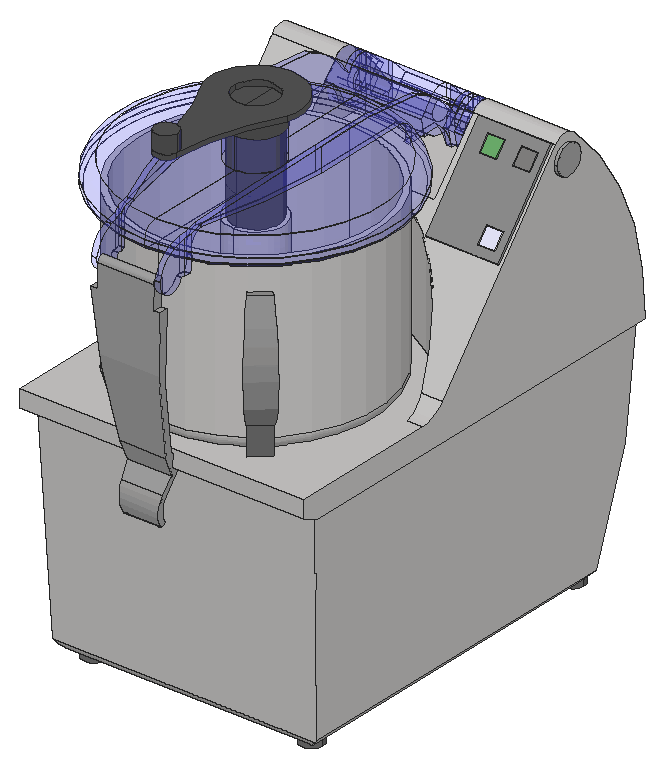
Revit family "QF_ELECTROLUXPROFESSIONAL_600506_K45YVV", category Specialty Equipment, Revit 2018
Family settings
  Round Connector Dimension = Use Diameter
  Part Type = Normal
  Work Plane-Based = No
  Always vertical = Yes
  Cut with Voids When Loaded = No
  Shared = No
  Room Calculation Point = No
Parameters (values of type "Standard")
  Weight = 22.00 kg
  Watts = 0 W
  Volts = 200 V
  URL Manufacturer = "http://professional.electrolux.com"
  URL = "http://professional.electrolux.com"
  Steam Supply Size = 0 mm
  Steam Supply Minimum Pressure = 0.0 Pa
  Steam Supply Maximum Pressure = 0.0 Pa
  Steam Pounds per Hour = 0
  Refrigeration Suction Line Size = 0.0 mm
  Refrigeration Liquid Line Size = 0.0 mm
  Refrigerant Compressor Remote = yes
  Manufacturer = "Electrolux Professional"
  Phase = 1
  Model = "K45YVV"
  Length Actual = 256.0 mm  # constant formula
  Item Number = "600506"
  Hot Water Size = 0 mm
  Height Actual = 482.0 mm  # constant formula
  HP = "1.3 HP"
  Gas Size = 0 mm
  Gas KW = 0
  Gas Input Pressure = 0 W
  Direct Waste Size = 0 mm
  Description = "CUTTER-MIXER 4.5L-MICROTOOTHED BLADE-VARIAB.SPEED-1000W-200-240/150-60"
  Depth Actual = 415.0 mm  # constant formula
  Cycle = 50 Hz
  Condensate Return Size = 0 mm
  Compressed Air Volume = 0.0 L/s
  Compressed Air Size = 0 mm
  Compressed Air Pressure = 0.0 Pa
  Cold Water Size = 0 mm
  Accessory = yes
Reference planes
  plane 1 "Center (Front/Back)": y = 0
  plane 2: z = 0
  plane 3 "Center (Left/Right)": x = 0
  plane 4 "BASE": z = 6
  plane 5 "TOP": z = 685
  plane 6 "FRONT": y = -207.5
  plane 7 "BACK": y = 207.5
  plane 8 "LEFT": x = -128
  plane 9 "RIGHT": x = 128
  plane 10 "CenterX": x = -10
  plane 11 "Maniglia": through (-10, -59.177, 4000) normal (0.766, 0.6428, 0)
  plane 12 "Panel": through (4267.2, 107.252, 388.448) normal (0, 0.766, -0.6428)
  plane 13: z = 470
Forms (mm)
  Extrusion 1, solid, material "QF_Finishes_Stainless Steel"
    sketch origin (0, 0, 0) x (0, 1, 0) y (0, 0, 1)
      loop
        arc (155.897, 6) -> (160.37, 10.596) -> (163.359, 16.27) r 22.417
        arc (163.359, 16.27) -> (192.273, 107.896) -> (201.98, 203.483) r 470.678
        line (201.98, 203.483) -> (-161.42, 203.483)
        arc (-161.42, 203.483) -> (-159.547, 108.877) -> (-151.391, 14.604) r 1423.016
        arc (-151.391, 14.604) -> (-146.603, 8.365) -> (-139.103, 6) r 13.076
        line (-139.103, 6) -> (155.897, 6)
    from -128 to 128
  Extrusion 2, void
    sketch origin (0, -207.5, 0) x (-1, 0, 0) y (0, 0, 1)
      loop
        line (128, 203.483) -> (125, 203.483) -> (119.389, 16.27) -> (109.119, 6) -> (128, 6) -> (128, 203.483)
      loop
        line (-128, 203.483) -> (-128, 6) -> (-109.119, 6) -> (-119.389, 16.27) -> (-125, 203.483) -> (-128, 203.483)
    from 14.374 to 435.947
  Extrusion 3, solid, material "QF_Finishes_Stainless Steel"
    sketch origin (0, 0, 0) x (0, 1, 0) y (0, 0, 1)
      loop
        arc (207.5, 203.483) -> (187.745, 305.45) -> (127.203, 389.844) r 242.898
        arc (127.203, 389.844) -> (116.931, 393.38) -> (107.252, 388.448) r 13.902
        line (107.252, 388.448) -> (-20.106, 236.67)
        arc (-20.106, 236.67) -> (-30.264, 228.875) -> (-42.764, 226.104) r 29.578
        line (-42.764, 226.104) -> (-177.764, 226.104) -> (-177.764, 211.104) -> (-161.42, 203.483) -> (207.5, 203.483)
    from -128 to 128
  Extrusion 4, void
    sketch origin (0, -207.5, 0) x (-1, 0, 0) y (0, 0, 1)
      loop
        line (-53.607, 393.414) -> (-53.607, 336.684) -> (71.073, 336.684) -> (71.073, 393.414) -> (-53.607, 393.414)
    from 255.469 to 415
  Revolve 5, solid, material "QF_Plastic-Black"
    sketch origin (-10, 0, 0) x (0, -1, 0) y (0, 0, 1)
      loop
        line (59.177, 450.527) -> (28.516, 450.527) -> (35.424, 443.619) -> (35.424, 430.527) -> (38.194, 430.527) -> (38.194, 356.104) -> (59.177, 356.104) -> (59.177, 450.527)
      axis (59.177, 356.104) -> (59.177, 450.527)
    angle from 0 to 360
  Extrusion 6, solid, material "QF_Plastic-Black"
    sketch origin (0, 0, 0) x (1, 0, 0) y (0, 1, 0)
      loop
        arc (-48.167, -71.147) -> (-28.951, -114.517) -> (-19.956, -161.093) r 210.055
        arc (-19.956, -161.093) -> (-10, -170.155) -> (-0.044, -161.093) r 10
        arc (-0.044, -161.093) -> (8.951, -114.517) -> (28.167, -71.147) r 210.055
        arc (28.167, -71.147) -> (-10, -19.177) -> (-48.167, -71.147) r 40
    from 450.5 to 455
  Extrusion 7, solid, material "QF_Plastic-Black"
    sketch origin (0, 0, 0) x (1, 0, 0) y (0, 1, 0)
      loop
        circle (-10, -160.155) r 10
    from 455 to 470
  Extrusion 8, void
    sketch origin (0, 0, 0) x (1, 0, 0) y (0, 1, 0)
      loop
        circle (-10, -59.177) r 19
    from 427.6 to 472.8
  Extrusion 9, void
    sketch origin (0, 0, 0) x (1, 0, 0) y (0, 1, 0)
      loop
        arc (115, -59.177) -> (-10, 65.823) -> (-135, -59.177) r 125
        line (-135, -59.177) -> (115, -59.177)
    from 226.104 to 336.684
  Extrusion 10, void
    sketch origin (-20, 0, 0) x (-1, 0, 0) y (0, -1, 0)
      loop
        line (16.15, 177.864) -> (16.15, -123.86) -> (35.771, -123.86) -> (35.771, 48.192)
        arc (35.771, 48.192) -> (30.047, 105.502) -> (17.781, 161.776) r 500.876
        line (17.781, 161.776) -> (17.781, 171.776) -> (16.15, 177.864)
      loop
        line (40.771, -123.86) -> (45.852, -123.86) -> (45.852, 210.681) -> (21.15, 210.681) -> (21.15, 178.522) -> (22.781, 172.434) -> (22.781, 162.459)
        arc (22.781, 162.459) -> (35.047, 105.893) -> (40.771, 48.297) r 505.876
        line (40.771, 48.297) -> (40.771, -123.86)
    from 350.345 to 477.521
  Extrusion 11, solid, material "Glass"
    sketch origin (-20, 0, 0) x (0, 1, 0) y (0, 0, -1)
      loop
        line (-173.064, -369.647) -> (-181.303, -369.647)
        arc (-181.303, -369.647) -> (-196.341, -361.818) -> (-205.451, -376.117) r 12.548
        arc (-205.451, -376.117) -> (-199.87, -388.651) -> (-189.058, -397.099) r 28.357
        arc (-189.058, -397.099) -> (-65.868, -423.241) -> (59.99, -418.888) r 518.061
        arc (59.99, -418.888) -> (85.116, -404.522) -> (104.437, -382.973) r 90.696
        arc (104.437, -382.973) -> (113.885, -392.821) -> (127.203, -389.844) r 13.902
        arc (127.203, -389.844) -> (135.322, -382.188) -> (143.082, -374.167) r 242.898
        line (143.082, -374.167) -> (137.378, -368.464)
        arc (137.378, -368.464) -> (123.613, -353.84) -> (104.088, -358.543) r 20
        line (104.088, -358.543) -> (99.34, -358.543)
        arc (99.34, -358.543) -> (94.194, -371.609) -> (85.823, -382.884) r 53.446
        line (85.823, -382.884) -> (50.823, -382.884)
        arc (50.823, -382.884) -> (52.796, -383.701) -> (53.614, -385.674) r 2.79
        line (53.614, -385.674) -> (53.614, -390.892)
        arc (53.614, -390.892) -> (50.154, -399.244) -> (41.802, -402.703) r 11.812
        line (41.802, -402.703) -> (-160.307, -402.703)
        arc (-160.307, -402.703) -> (-168.659, -399.244) -> (-172.119, -390.892) r 11.812
        line (-172.119, -390.892) -> (-172.119, -385.826)
        arc (-172.119, -385.826) -> (-171.728, -384.361) -> (-170.659, -383.285) r 2.942
        line (-170.659, -383.285) -> (-173.064, -369.647)
      loop
        circle (117.901, -373.007) r 9.416
    from 16.15 to 45.852
  Extrusion 12, solid, material "Glass"
    sketch origin (0, 0, 0) x (0, 1, 0) y (0, 0, 1)
      loop
        line (137.378, 368.464) -> (143.082, 374.167)
        arc (143.082, 374.167) -> (135.322, 382.188) -> (127.203, 389.844) r 242.898
        arc (127.203, 389.844) -> (116.931, 393.38) -> (107.252, 388.448) r 13.902
        line (107.252, 388.448) -> (95.766, 374.76)
        arc (95.766, 374.76) -> (97.862, 366.72) -> (99.34, 358.543) r 108.872
        line (99.34, 358.543) -> (104.088, 358.543)
        arc (104.088, 358.543) -> (123.613, 353.84) -> (137.378, 368.464) r 20
      loop
        circle (117.901, 373.007) r 9.416
    from -71.073 to 53.607
  Extrusion 13, solid, material "QF_Finishes_Gray"
    sketch origin (0, 0, 0) x (0, 1, 0) y (0, 0, 1)
      loop
        arc (-182.273, 168.111) -> (-185.377, 178.111) -> (-182.273, 188.111) r 17.658
        line (-182.273, 188.111) -> (-169.592, 207.294) -> (-177.764, 211.104) -> (-177.764, 222.201) -> (-180.378, 224.815)
        arc (-180.378, 224.815) -> (-194.973, 298.318) -> (-196.805, 373.235) r 437.299
        arc (-196.805, 373.235) -> (-201.296, 377.726) -> (-205.788, 373.235) r 4.491
        arc (-205.788, 373.235) -> (-201.07, 296.739) -> (-185.461, 221.705) r 534.528
        line (-185.461, 221.705) -> (-177.764, 203.503) -> (-186.394, 190.943)
        arc (-186.394, 190.943) -> (-190.377, 178.111) -> (-186.394, 165.28) r 22.658
        arc (-186.394, 165.28) -> (-182.917, 164.635) -> (-182.273, 168.111) r 2.5
    from -49.646 to 27.326
  Extrusion 14, void
    sketch origin (0, -207.5, 0) x (-1, 0, 0) y (0, 0, 1)
      loop
        line (-15.15, 396.938) -> (-47.326, 396.938) -> (-47.326, 161.938) -> (-5.366, 161.938) -> (-20.516, 351.652) -> (-15.15, 351.652) -> (-15.15, 396.938)
      loop
        line (26.963, 161.938) -> (77.918, 161.938) -> (77.918, 396.938) -> (35.15, 396.938) -> (35.15, 351.652) -> (42.113, 351.652) -> (26.963, 161.938)
    from 46.08 to -69.339
  Extrusion 15, solid, material "Glass"
    sketch origin (0, 0, 0) x (0, 1, 0) y (0, 0, 1)
      loop
        line (-173.064, 369.647) -> (-170.659, 383.285)
        arc (-170.659, 383.285) -> (-171.728, 384.361) -> (-172.119, 385.826) r 2.942
        line (-172.119, 385.826) -> (-172.119, 390.892)
        arc (-172.119, 390.892) -> (-168.659, 399.244) -> (-160.307, 402.703) r 11.812
        line (-160.307, 402.703) -> (41.802, 402.703)
        arc (41.802, 402.703) -> (50.154, 399.244) -> (53.614, 390.892) r 11.812
        line (53.614, 390.892) -> (53.614, 385.674)
        arc (53.614, 385.674) -> (52.796, 383.701) -> (50.823, 382.884) r 2.79
        line (50.823, 382.884) -> (85.823, 382.884)
        arc (85.823, 382.884) -> (94.194, 371.609) -> (99.34, 358.543) r 53.446
        line (99.34, 358.543) -> (104.088, 358.543)
        arc (104.088, 358.543) -> (123.613, 353.84) -> (137.378, 368.464) r 20
        line (137.378, 368.464) -> (143.082, 374.167)
        arc (143.082, 374.167) -> (135.322, 382.188) -> (127.203, 389.844) r 242.898
        arc (127.203, 389.844) -> (113.885, 392.821) -> (104.437, 382.973) r 13.902
        arc (104.437, 382.973) -> (85.116, 404.522) -> (59.99, 418.888) r 90.696
        arc (59.99, 418.888) -> (-65.868, 423.241) -> (-189.058, 397.099) r 518.061
        arc (-189.058, 397.099) -> (-199.87, 388.651) -> (-205.451, 376.117) r 28.357
        arc (-205.451, 376.117) -> (-196.341, 361.818) -> (-181.303, 369.647) r 12.548
        line (-181.303, 369.647) -> (-173.064, 369.647)
      loop
        circle (117.901, 373.007) r 9.416
    from 16.15 to 45.852
  Extrusion 16, void
    sketch origin (0, 0, 0) x (1, 0, 0) y (0, 1, 0)
      loop
        line (16.15, -177.864) -> (17.781, -171.776) -> (17.781, -161.776)
        arc (17.781, -161.776) -> (30.047, -105.502) -> (35.771, -48.192) r 500.876
        line (35.771, -48.192) -> (35.771, 123.86) -> (16.15, 123.86) -> (16.15, -177.864)
      loop
        line (40.771, 123.86) -> (40.771, -48.297)
        arc (40.771, -48.297) -> (35.047, -105.893) -> (22.781, -162.459) r 505.876
        line (22.781, -162.459) -> (22.781, -172.434) -> (21.15, -178.522) -> (21.15, -210.681) -> (45.852, -210.681) -> (45.852, 123.86) -> (40.771, 123.86)
    from 350.345 to 477.521
  Revolve 17, solid, material "Glass"
    sketch origin (-10, 0, -40) x (0, -1, 0) y (0, 0, 1)
      loop
        line (38.194, 422.884) -> (38.194, 470.527) -> (35.424, 470.527) -> (35.424, 442.703) -> (-53.802, 442.703)
        arc (-53.802, 442.703) -> (-62.213, 439.268) -> (-65.732, 430.892) r 11.871
        line (-65.732, 430.892) -> (-65.732, 425.793)
        arc (-65.732, 425.793) -> (-64.88, 423.736) -> (-62.823, 422.884) r 2.909
        line (-62.823, 422.884) -> (38.194, 422.884)
      axis (59.177, 422.884) -> (59.177, 470.527)
    angle from 0 to 360
  Revolve 18, solid, material "QF_Metal-Stainless-Polished"
    sketch origin (-10, 0, 0) x (0, -1, 0) y (0, 0, 1)
      loop
        line (169.177, 382.884) -> (164.177, 382.884) -> (164.177, 237.884)
        arc (164.177, 237.884) -> (162.191, 233.09) -> (157.397, 231.104) r 6.78
        line (157.397, 231.104) -> (84.177, 231.104) -> (84.177, 356.104) -> (79.177, 356.104) -> (79.177, 226.104) -> (157.397, 226.104)
        arc (157.397, 226.104) -> (165.726, 229.554) -> (169.177, 237.884) r 11.78
        line (169.177, 237.884) -> (169.177, 382.884)
      axis (59.177, 382.884) -> (59.177, 226.104)
    angle from 0 to 360
  Extrusion 19, solid, material "QF_Plastic-Gray-Matte"
    sketch origin (-49.423, -13.925, 0) x (0.634002, 0.773331, 0) y (-0.773331, 0.634002, 0)
      loop
        line (-55.497, -222.333) -> (-26.468, -227.794) -> (-20.635, -161.119)
        arc (-20.635, -161.119) -> (-28.727, -159.898) -> (-36.729, -158.185) r 133.529
        line (-36.729, -158.185) -> (-55.497, -222.333)
    from 226.104 to 356.104
  Revolve 20, void
    sketch origin (-35.007, -29.374, 0) x (-0.642788, 0.766044, 0) y (0, 0, 1)
      loop
        arc (-155.215, 337.579) -> (-171.344, 302.579) -> (-155.215, 267.579) r 46.04
        line (-155.215, 267.579) -> (-147.754, 267.579) -> (-147.754, 337.579) -> (-155.215, 337.579)
      loop
        line (-155.215, 356.104) -> (-147.754, 356.104) -> (-147.754, 361.761) -> (-215.215, 361.761) -> (-215.215, 226.104) -> (-147.754, 226.104) -> (-147.754, 256.485) -> (-163.93, 256.485)
        arc (-163.93, 256.485) -> (-184.453, 308.471) -> (-155.215, 356.104) r 62.537
      axis (10, 361.761) -> (10, 226.104)
    angle from -8.217 to 8.652
  Extrusion 21, solid, material "QF_Finishes_Rubber Black"
    sketch origin (0, 0, 0) x (1, 0, 0) y (0, 1, 0)
      loop
        arc (57.446, -154.071) -> (64.931, -148.135) -> (72.061, -141.775) r 165.215
        line (72.061, -141.775) -> (66.401, -136.116)
        arc (66.401, -136.116) -> (59.824, -141.977) -> (52.928, -147.46) r 157.215
        line (52.928, -147.46) -> (57.446, -154.071)
    from 226.104 to 256.485
  Extrusion 22, solid, material "QF_Plastic-Gray-Matte"
    sketch origin (0, -128.336, 107.686) x (0, 0.642788, 0.766044) y (1, 0, 0)
      loop
        line (366.07, 59.066) -> (366.07, 124.8) -> (272.743, 124.8) -> (272.743, 59.066) -> (366.07, 59.066)
      loop
        line (356.63, 102.599) -> (356.63, 117.599) -> (341.63, 117.599) -> (341.63, 102.599) -> (356.63, 102.599)
      loop
        line (295.63, 102.599) -> (295.63, 117.599) -> (280.63, 117.599) -> (280.63, 102.599) -> (295.63, 102.599)
      loop
        line (356.63, 72.599) -> (356.63, 87.599) -> (341.63, 87.599) -> (341.63, 72.599) -> (356.63, 72.599)
    from -1 to 0.6
  Extrusion 23, solid, material "QF_Finishes_Red"
    sketch origin (0, -128.336, 107.686) x (0, 0.642788, 0.766044) y (1, 0, 0)
      loop
        line (356.63, 102.599) -> (356.63, 117.599) -> (341.63, 117.599) -> (341.63, 102.599) -> (356.63, 102.599)
    from -1 to 0.6
  Extrusion 24, solid, material "QF_Finishes_Green"
    sketch origin (-27.396, -127.834, 108.284) x (0, 0.642788, 0.766044) y (1, 0, 0)
      loop
        line (355.85, 99.994) -> (355.85, 114.994) -> (340.786, 114.994) -> (340.786, 99.994) -> (355.85, 99.994)
    from -1 to 0.6
  Extrusion 25, solid, material "QF_Plastic-White-Matte"
    sketch origin (0, -167.546, 60.958) x (0, 0.642788, 0.766044) y (1, 0, 0)
      loop
        line (356.63, 102.599) -> (356.63, 117.599) -> (341.63, 117.599) -> (341.63, 102.599) -> (356.63, 102.599)
    from -1 to 0.6
  Extrusion 26, solid, material "QF_Finishes_Stainless Steel"
    sketch origin (0, 207.5, 0) x (-1, 0, 0) y (0, 0, 1)
      loop
        circle (0, 202) r 10.353
    from -6.2 to 3
  Revolve 27, solid, material "QF_Door-Drawer Clearances", detail levels coarse
    sketch origin (-10, -221.856, 479.549) x (0, 0, 1) y (0, 1, 0)
      loop
        line (59.177, 490.527) -> (28.516, 490.527) -> (35.424, 483.619) -> (35.424, 470.527) -> (38.194, 470.527) -> (38.194, 442.703) -> (59.177, 442.703) -> (59.177, 490.527)
      axis (59.177, 442.703) -> (59.177, 490.527)
    angle from 0 to 360
  Extrusion 28, solid, material "QF_Door-Drawer Clearances", detail levels coarse
    sketch origin (0, -221.856, 479.549) x (1, 0, 0) y (0, 0, -1)
      loop
        arc (-48.167, -71.147) -> (-28.951, -114.517) -> (-19.956, -161.093) r 210.055
        arc (-19.956, -161.093) -> (-10, -170.155) -> (-0.044, -161.093) r 10
        arc (-0.044, -161.093) -> (8.951, -114.517) -> (28.167, -71.147) r 210.055
        arc (28.167, -71.147) -> (-10, -19.177) -> (-48.167, -71.147) r 40
    from 490.527 to 495.013
  Extrusion 29, solid, material "QF_Door-Drawer Clearances", detail levels coarse
    sketch origin (0, -221.856, 479.549) x (1, 0, 0) y (0, 0, -1)
      loop
        circle (-10, -160.155) r 10
    from 495.013 to 510.592
  Extrusion 30, void
    sketch origin (-20, -221.856, 479.359) x (-1, 0, 0) y (0, 0, 1)
      loop
        line (16.15, 177.864) -> (16.15, -123.86) -> (35.771, -123.86) -> (35.771, 48.192)
        arc (35.771, 48.192) -> (30.047, 105.502) -> (17.781, 161.776) r 500.876
        line (17.781, 161.776) -> (17.781, 171.776) -> (16.15, 177.864)
      loop
        line (40.771, -123.86) -> (45.852, -123.86) -> (45.852, 210.681) -> (21.15, 210.681) -> (21.15, 178.522) -> (22.781, 172.434) -> (22.781, 162.459)
        arc (22.781, 162.459) -> (35.047, 105.893) -> (40.771, 48.297) r 505.876
        line (40.771, 48.297) -> (40.771, -123.86)
    from 350.345 to 477.521
  Extrusion 31, solid, material "QF_Door-Drawer Clearances", detail levels coarse
    sketch origin (-20, -221.856, 479.359) x (0, 0, -1) y (0, -1, 0)
      loop
        line (-173.064, -409.647) -> (-181.303, -409.647)
        arc (-181.303, -409.647) -> (-196.341, -401.818) -> (-205.451, -416.117) r 12.548
        arc (-205.451, -416.117) -> (-199.87, -428.651) -> (-189.058, -437.099) r 28.357
        arc (-189.058, -437.099) -> (-65.868, -463.241) -> (59.99, -458.888) r 518.061
        arc (59.99, -458.888) -> (92.246, -438.11) -> (113.023, -405.855) r 90.696
        arc (113.023, -405.855) -> (114.903, -399.662) -> (115.972, -393.28) r 50.278
        arc (115.972, -393.28) -> (121.968, -392.806) -> (127.203, -389.844) r 13.902
        arc (127.203, -389.844) -> (129.309, -387.924) -> (131.393, -385.98) r 242.898
        arc (131.393, -385.98) -> (114.739, -373.307) -> (99.238, -359.247) r 242.898
        arc (99.238, -359.247) -> (87.934, -393.903) -> (65.823, -422.884) r 108.872
        line (65.823, -422.884) -> (50.823, -422.884)
        arc (50.823, -422.884) -> (52.796, -423.701) -> (53.614, -425.674) r 2.79
        line (53.614, -425.674) -> (53.614, -430.892)
        arc (53.614, -430.892) -> (50.154, -439.244) -> (41.802, -442.703) r 11.812
        line (41.802, -442.703) -> (-160.307, -442.703)
        arc (-160.307, -442.703) -> (-168.659, -439.244) -> (-172.119, -430.892) r 11.812
        line (-172.119, -430.892) -> (-172.119, -425.826)
        arc (-172.119, -425.826) -> (-171.728, -424.361) -> (-170.659, -423.285) r 2.942
        line (-170.659, -423.285) -> (-173.064, -409.647)
    from 16.15 to 45.852
  Extrusion 32, void
    sketch origin (0, -221.856, 479.359) x (1, 0, 0) y (0, 0, -1)
      loop
        line (16.15, -177.864) -> (17.781, -171.776) -> (17.781, -161.776)
        arc (17.781, -161.776) -> (30.047, -105.502) -> (35.771, -48.192) r 500.876
        line (35.771, -48.192) -> (35.771, 123.86) -> (16.15, 123.86) -> (16.15, -177.864)
      loop
        line (40.771, 123.86) -> (40.771, -48.297)
        arc (40.771, -48.297) -> (35.047, -105.893) -> (22.781, -162.459) r 505.876
        line (22.781, -162.459) -> (22.781, -172.434) -> (21.15, -178.522) -> (21.15, -210.681) -> (45.852, -210.681) -> (45.852, 123.86) -> (40.771, 123.86)
    from 350.345 to 477.521
  Extrusion 33, solid, material "QF_Door-Drawer Clearances", detail levels coarse
    sketch origin (0, -221.856, 479.359) x (0, 0, -1) y (0, 1, 0)
      loop
        line (-173.064, 409.647) -> (-170.659, 423.285)
        arc (-170.659, 423.285) -> (-171.728, 424.361) -> (-172.119, 425.826) r 2.942
        line (-172.119, 425.826) -> (-172.119, 430.892)
        arc (-172.119, 430.892) -> (-168.659, 439.244) -> (-160.307, 442.703) r 11.812
        line (-160.307, 442.703) -> (41.802, 442.703)
        arc (41.802, 442.703) -> (50.154, 439.244) -> (53.614, 430.892) r 11.812
        line (53.614, 430.892) -> (53.614, 425.674)
        arc (53.614, 425.674) -> (52.796, 423.701) -> (50.823, 422.884) r 2.79
        line (50.823, 422.884) -> (65.823, 422.884)
        arc (65.823, 422.884) -> (87.934, 393.903) -> (99.238, 359.247) r 108.872
        arc (99.238, 359.247) -> (114.739, 373.307) -> (131.393, 385.98) r 242.898
        arc (131.393, 385.98) -> (129.309, 387.924) -> (127.203, 389.844) r 242.898
        arc (127.203, 389.844) -> (121.968, 392.806) -> (115.972, 393.28) r 13.902
        arc (115.972, 393.28) -> (114.903, 399.662) -> (113.023, 405.855) r 50.278
        arc (113.023, 405.855) -> (92.246, 438.11) -> (59.99, 458.888) r 90.696
        arc (59.99, 458.888) -> (-65.868, 463.241) -> (-189.058, 437.099) r 518.061
        arc (-189.058, 437.099) -> (-199.87, 428.651) -> (-205.451, 416.117) r 28.357
        arc (-205.451, 416.117) -> (-196.341, 401.818) -> (-181.303, 409.647) r 12.548
        line (-181.303, 409.647) -> (-173.064, 409.647)
    from 16.15 to 45.852
  Revolve 34, solid, material "QF_Door-Drawer Clearances", detail levels coarse
    sketch origin (-10, -221.856, 479.549) x (0, 0, 1) y (0, 1, 0)
      loop
        line (38.194, 422.884) -> (38.194, 470.527) -> (35.424, 470.527) -> (35.424, 442.703) -> (-53.802, 442.703)
        arc (-53.802, 442.703) -> (-62.213, 439.268) -> (-65.732, 430.892) r 11.871
        line (-65.732, 430.892) -> (-65.732, 425.793)
        arc (-65.732, 425.793) -> (-64.88, 423.736) -> (-62.823, 422.884) r 2.909
        line (-62.823, 422.884) -> (38.194, 422.884)
      axis (59.177, 422.884) -> (59.177, 470.527)
    angle from 0 to 360
  Extrusion 35, solid, material "QF_Finishes_Rubber Black"
    sketch origin (0, 0, 0) x (1, 0, 0) y (0, 1, 0)
      loop
        circle (-98.592, 163.359) r 10
      loop
        circle (-98.592, -131.641) r 10
      loop
        circle (98.592, 163.359) r 10
      loop
        circle (98.592, -131.641) r 10
    from 0 to 6
  Extrusion 36, solid, material "QF_Finishes_Gray"
    sketch origin (0, 0, 0) x (0, 1, 0) y (0, 0, 1)
      loop
        circle (117.901, 373.007) r 13.005
    from 131.516 to 128
  Extrusion 37, solid, material "QF_Finishes_Gray"
    sketch origin (0, 0, 0) x (0, 1, 0) y (0, 0, -1)
      loop
        circle (117.901, -373.007) r 13.005
    from 131.516 to 128
Cuts and joins
  Extrusion 2, Extrusion 8, Extrusion 9 cuts Extrusion 1
  Extrusion 4, Extrusion 9 cuts Extrusion 3
  Extrusion 8 cuts Extrusion 6
  Extrusion 10, Extrusion 16, Extrusion 30, Extrusion 32 cuts Extrusion 11
  Extrusion 14, Extrusion 16, Extrusion 30 cuts Extrusion 13
  Extrusion 16, Extrusion 30, Extrusion 32 cuts Extrusion 12
  Extrusion 16 cuts Extrusion 15
  Revolve 20 cuts Extrusion 19
  Extrusion 30 cuts Revolve 17
  Extrusion 30 cuts Revolve 18
  Extrusion 30, Extrusion 32 cuts Extrusion 31
  Extrusion 32 cuts Extrusion 33
Lines and regions (mm)
  symbolic lines
    curve 1: arc (-10, -172.155, 0) -> (3.999, -171.284, 0) -> (17.781, -168.686, 0) r 112.979
    curve 2: arc (-10, -184.085, 0) -> (-23.148, -183.391, 0) -> (-36.15, -181.317, 0) r 124.909
    curve 3: line (128, -157.764, 0) -> (128, 187.57, 0)
    curve 4: line (124.8, 106.204, 0) -> (59.066, 106.204, 0)
    curve 5: line (102.599, 90.494, 0) -> (117.599, 90.494, 0)
    curve 6: line (117.599, 62.151, 0) -> (102.599, 62.151, 0)
    curve 7: line (102.599, 51.284, 0) -> (117.599, 51.284, 0)
    curve 8: line (102.599, 62.151, 0) -> (102.599, 51.284, 0)
    curve 9: line (117.599, 51.284, 0) -> (117.599, 62.151, 0)
    curve 10: line (117.599, 90.494, 0) -> (117.599, 101.361, 0)
    curve 11: line (102.599, 101.361, 0) -> (102.599, 90.494, 0)
    curve 12: arc (-0.044, -161.093, 0) -> (8.951, -114.517, 0) -> (28.167, -71.147, 0) r 210.055
    curve 13: arc (28.167, -71.147, 0) -> (-10, -19.177, 0) -> (-48.167, -71.147, 0) r 40
    curve 14: arc (-48.167, -71.147, 0) -> (-28.951, -114.517, 0) -> (-19.956, -161.093, 0) r 210.055
    curve 15: arc (-19.956, -161.093, 0) -> (-10, -170.155, 0) -> (-0.044, -161.093, 0) r 10
    curve 16: arc (0, -160.155, 0) -> (-10, -150.155, 0) -> (-20, -160.155, 0) r 10
    curve 17: arc (-55.771, -48.192, 0) -> (-50.047, -105.502, 0) -> (-37.781, -161.776, 0) r 500.876
    curve 18: arc (-42.781, -162.459, 0) -> (-55.047, -105.893, 0) -> (-60.771, -48.297, 0) r 505.876
    curve 19: line (-55.771, 123.86, 0) -> (-55.771, -48.192, 0)
    curve 20: line (-60.771, -48.297, 0) -> (-60.771, 123.86, 0)
    curve 21: line (40.771, 123.86, 0) -> (40.771, -48.297, 0)
    curve 22: line (35.771, -48.192, 0) -> (35.771, 123.86, 0)
    curve 23: arc (40.771, -48.297, 0) -> (35.047, -105.893, 0) -> (22.781, -162.459, 0) r 505.876
    curve 24: arc (17.781, -161.776, 0) -> (30.047, -105.502, 0) -> (35.771, -48.192, 0) r 500.876
    curve 25: line (22.781, -162.459, 0) -> (22.781, -172.434, 0)
    curve 26: line (17.781, -171.776, 0) -> (17.781, -161.776, 0)
    curve 27: line (16.15, -177.864, 0) -> (17.781, -171.776, 0)
    curve 28: line (22.781, -172.434, 0) -> (21.15, -178.522, 0)
    curve 29: line (21.15, -178.522, 0) -> (21.15, -205.641, 0)
    curve 30: line (-37.781, -161.776, 0) -> (-37.781, -171.776, 0)
    curve 31: line (-42.781, -172.434, 0) -> (-42.781, -162.459, 0)
    curve 32: line (-41.15, -178.522, 0) -> (-42.781, -172.434, 0)
    curve 33: line (-37.781, -171.776, 0) -> (-36.15, -177.864, 0)
    curve 34: line (-41.15, -205.641, 0) -> (-41.15, -178.522, 0)
    curve 35: spline (22.008, -197.61, 0) -> (21.937, -197.617, 0) -> (21.865, -197.622, 0) -> (21.794, -197.626, 0) -> (21.722, -197.627, 0) -> (21.651, -197.627, 0) -> (21.579, -197.625, 0) -> (21.508, -197.621, 0) -> (21.436, -197.615, 0) -> (21.365, -197.608, 0) -> (21.293, -197.598, 0) -> (21.222, -197.587, 0) -> (21.15, -197.574, 0)
    curve 36: line (-71.073, 171.51, 0) -> (53.607, 171.51, 0)
    curve 37: line (59.066, 46.214, 0) -> (124.8, 46.214, 0)
    curve 38: line (59.066, 106.204, 0) -> (59.066, 46.214, 0)
    curve 39: line (124.8, 46.214, 0) -> (124.8, 107.429, 0)
    curve 40: line (53.607, 48.324, 0) -> (53.607, 171.51, 0)
    curve 41: line (-71.073, 171.51, 0) -> (-71.073, 49.783, 0)
    curve 42: arc (40.771, 54.948, 0) -> (114.476, -69.566, 0) -> (21.15, -180.138, 0) r 124.909
    curve 43: arc (-60.771, 41.751, 0) -> (-122.562, -68.863, 0) -> (-42.781, -167.295, 0) r 112.979
    curve 44: line (93.154, -162.392, 0) -> (78.293, -147.531, 0)
    curve 45: line (93.154, -162.392, 0) -> (74.048, -178.424, 0)
    curve 46: line (74.048, -178.424, 0) -> (61.96, -161.274, 0)
    curve 47: arc (-37.781, -168.686, 0) -> (-23.999, -171.284, 0) -> (-10, -172.155, 0) r 112.979
    curve 48: arc (-41.15, -180.138, 0) -> (-94.625, -151.05, 0) -> (-128, -100.142, 0) r 124.909
    curve 49: arc (22.781, -167.295, 0) -> (102.562, -68.863, 0) -> (40.771, 41.751, 0) r 112.979
    curve 50: arc (16.15, -181.317, 0) -> (3.148, -183.391, 0) -> (-10, -184.085, 0) r 124.909
    curve 51: line (16.15, -205.242, 0) -> (16.15, -177.864, 0)
    curve 52: line (-36.15, -205.641, 0) -> (-36.15, -177.864, 0)
    curve 53: line (-41.15, -205.641, 0) -> (21.15, -205.641, 0)
    curve 54: line (22.008, -205.53, 0) -> (22.008, -197.61, 0)
    curve 55: line (22.008, -205.53, 0) -> (21.15, -205.53, 0)
    curve 56: spline (-42.008, -197.61, 0) -> (-41.937, -197.617, 0) -> (-41.865, -197.622, 0) -> (-41.794, -197.626, 0) -> (-41.722, -197.627, 0) -> (-41.651, -197.627, 0) -> (-41.579, -197.625, 0) -> (-41.508, -197.621, 0) -> (-41.436, -197.615, 0) -> (-41.365, -197.608, 0) -> (-41.293, -197.598, 0) -> (-41.222, -197.587, 0) -> (-41.15, -197.574, 0)
    curve 57: line (-42.008, -205.53, 0) -> (-42.008, -197.61, 0)
    curve 58: line (-42.008, -205.53, 0) -> (-41.15, -205.53, 0)
    curve 59: arc (-128, -18.211, 0) -> (-101.973, 25.34, 0) -> (-60.771, 54.948, 0) r 124.909
    curve 60: arc (-128, -100.142, 0) -> (-134.909, -59.177, 0) -> (-128, -18.211, 0) r 124.909
    curve 61: line (-108, -177.764, 0) -> (-49.233, -177.764, 0)
    curve 62: line (-128, 187.57, 0) -> (-128, -17.764, 0)
    curve 63: line (29.233, -177.764, 0) -> (108, -177.764, 0)
    curve 64: line (-128, -97.764, 0) -> (-128, -157.764, 0)
    curve 65: line (-108, 207.57, 0) -> (108, 207.57, 0)
    curve 66: arc (-128, -157.764, 0) -> (-122.142, -171.906, 0) -> (-108, -177.764, 0) r 20
    curve 67: arc (108, -177.764, 0) -> (122.142, -171.906, 0) -> (128, -157.764, 0) r 20
    curve 68: arc (128, 187.57, 0) -> (122.142, 201.713, 0) -> (108, 207.57, 0) r 20
    curve 69: arc (-108, 207.57, 0) -> (-122.142, 201.713, 0) -> (-128, 187.57, 0) r 20
    curve 70: line (45.852, 123.86, 0) -> (-71.073, 123.86, 0)
    curve 71: line (45.852, 137.378, 0) -> (-65.852, 137.378, 0)
    curve 72: line (45.852, 143.082, 0) -> (-65.852, 143.082, 0)
    curve 73: line (53.607, 123.86, 0) -> (45.852, 123.86, 0)
    curve 74: line (45.852, 123.86, 0) -> (45.852, 170.216, 0)
    curve 75: line (45.852, 170.216, 0) -> (-65.852, 170.216, 0)
    curve 76: line (-65.852, 170.216, 0) -> (-65.852, 123.86, 0)
    curve 77: line (102.599, 101.361, 0) -> (117.599, 101.361, 0)
    curve 78: line (72.599, 90.494, 0) -> (87.599, 90.494, 0)
    curve 79: line (87.599, 90.494, 0) -> (87.599, 101.361, 0)
    curve 80: line (72.599, 101.361, 0) -> (72.599, 90.494, 0)
    curve 81: line (72.599, 101.361, 0) -> (87.599, 101.361, 0)
Dimensions and locks
  plane 4 "BASE" to level = 6.0 mm
  plane 5 "TOP" to level = 685.0 mm  (x2)
  plane 8 "LEFT" to plane 3 "Center (Left/Right)" to plane 9 "RIGHT" = 128.0 mm, 128.0 mm
  plane 7 "BACK" to plane 1 "Center (Front/Back)" to plane 6 "FRONT" = 207.5 mm, 207.5 mm
  plane 7 "BACK" to plane 6 "FRONT" = 415.0 mm
  plane 8 "LEFT" to plane 9 "RIGHT" = 256.0 mm
  plane 10 "CenterX" to plane 3 "Center (Left/Right)" = 10.0 mm
  plane 13 to level = 470.0 mm
  aligned and locked: level to plane 2
  aligned and locked: Extrusion 22 sketch curve to Extrusion 23
Connectors
  electrical at (0, 210.5, 202)
    settings: on Extrusion 26, index 1, voltage 0 V, apparent load 0 VA, apparent load phase1 0 VA, apparent load phase2 0 VA, apparent load phase3 0 VA, power factor 1, load classification "Other", number of poles 1, system type 30, power factor state 1, is connector primary yes, connector utility no, sub classification motor no, connector description "Electrical connection"
